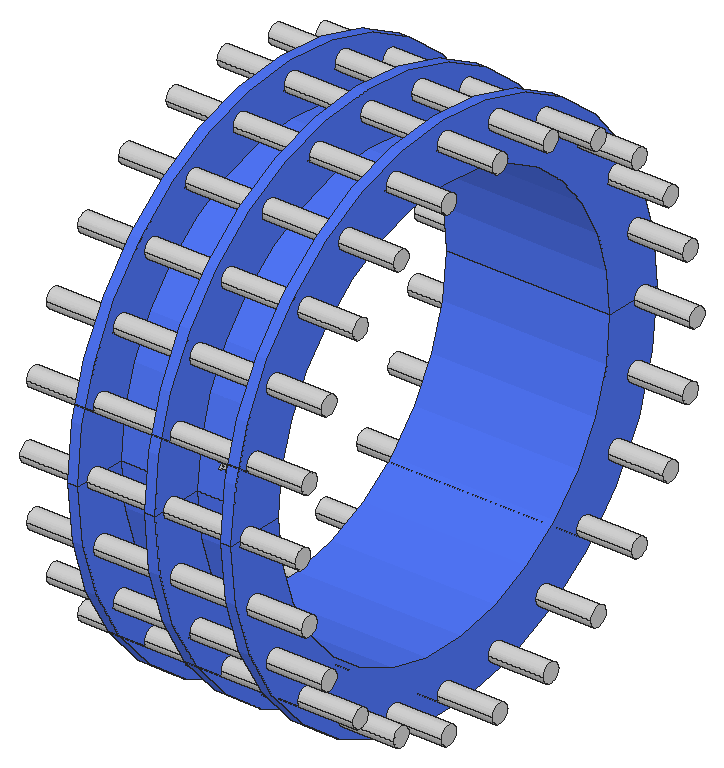
Revit family "873-00-001-DN700-800", category Pipe Accessories, Revit 2019
Family settings
  Round Connector Dimension = Use Diameter
  Part Type = Valve - Breaks Into
  Work Plane-Based = No
  Always vertical = Yes
  Cut with Voids When Loaded = No
  Shared = No
Parameters (values of type "DN800_PN16")
  d2 = size_lookup(Search_table, "d2", 0 mm, DN) / 2  # 512.5 mm
  d1 = size_lookup(Search_table, "d1", 0 mm, DN)  # 950 mm
  URL product pages = "https://www.avkvalves.com/P.aspx?no=873004000141000"
  T = size_lookup(Search_table, "T", 0 mm, DN)  # 36 mm
  L = size_lookup(Search_table, "L", 0 mm, DN)  # 530 mm
  Id(Radius) = DN / 2  # 400.05 mm
  Flange_thickness = 20 mm  # constant formula
  Description_ = "AVK DISMANTLING JOINT"
  DN = 800.1 mm
  Search_table = "873-00-001-DN700-800"
  Body_Wallthicknss = 10 mm  # constant formula
  Angle = 22.50°  # constant formula
  A = size_lookup(Search_table, "A", 0 mm, DN)  # 315 mm
  873-0800-00-141000 = "DN800_PN16"
  873-0800-00-041000 = "DN800_PN10"
  873-0700-00-141000 = "DN700_PN16"
  873-0700-00-041000 = "DN700_PN10"
Types (5, lengths in mm): name | d2 | d1 | T | L | Id(Radius) | DN | A
  (no name) | 512.5 | 950 | 36 | 530 | 400.05 | 800.1 | 315
  DN700_PN10 | 447.5 | 840 | 27 | 480 | 350 | 700 | 300
  DN700_PN16 | 455 | 840 | 33 | 500 | 350.05 | 700.1 | 300
  DN800_PN10 | 505 | 950 | 30 | 500 | 400 | 800 | 315
  DN800_PN16 | 512.5 | 950 | 36 | 530 | 400.05 | 800.1 | 315
Reference planes
  plane 1 "Center (Front/Back)": y = 0
  plane 2: z = 0
  plane 3 "Center (Left/Right)": x = 0
  plane 4: y = 32.5
  plane 5: y = -30
  plane 6: z = 475
  plane 7: z = -475
  plane 8: y = 475
  plane 9: y = -475
  plane 10: x = -265
  plane 11: x = 265
  plane 12: through (0, 0, 0) normal (0, 0.9659, 0.2588)
  plane 13: through (0, 0, 0) normal (0, 0.866, 0.5)
  plane 14: through (0, 0, 0) normal (0, 0.7071, 0.7071)
  plane 15: through (0, 0, 0) normal (0, 0.5, 0.866)
  plane 16: through (0, 0, 0) normal (0, 0.2588, 0.9659)
  plane 17: through (0, 0, 0) normal (0, 0.9659, -0.2588)
  plane 18: through (0, 0, 0) normal (0, 0.866, -0.5)
  plane 19: through (0, 0, 0) normal (0, 0.7071, -0.7071)
  plane 20: through (0, 0, 0) normal (0, 0.5, -0.866)
  plane 21: through (0, 0, 0) normal (0, 0.2588, -0.9659)
  plane 22: x = -157.5
  plane 23: x = 157.5
  plane 24: z = 512.5
  plane 25: z = -512.5
Forms (mm)
  Revolve 1, solid, material "Plastic"
    sketch origin (0, 0, 0) x (1, 0, 0) y (0, 1, 0)
      loop
        line (-137.5, 512.5) -> (-157.5, 512.5) -> (-157.5, 400.05) -> (157.5, 400.05) -> (157.5, 512.5) -> (137.5, 512.5) -> (137.5, 410.05) -> (10, 410.05) -> (10, 512.5) -> (-10, 512.5) -> (-10, 410.05) -> (-137.5, 410.05) -> (-137.5, 512.5)
      axis (-157.5, 0) -> (157.5, 0)
    angle from 0 to 360
  Extrusion 2, solid, material "Stainless Steel AISI 304"
    sketch origin (0, 0, 0) x (0, 1, 0) y (0, 0, 1)
      loop
        circle (0, 475) r 18
      loop
        circle (-475, 0) r 18
      loop
        circle (0, -475) r 18
      loop
        circle (475, 0) r 18
      loop
        circle (122.939, 458.815) r 18
      loop
        circle (237.5, 411.362) r 18
      loop
        circle (335.876, 335.876) r 18
      loop
        circle (411.362, 237.5) r 18
      loop
        circle (458.815, 122.939) r 18
      loop
        circle (458.815, -122.939) r 18
      loop
        circle (335.876, -335.876) r 18
      loop
        circle (237.5, -411.362) r 18
      loop
        circle (122.939, -458.815) r 18
      loop
        circle (-122.939, -458.815) r 18
      loop
        circle (-237.5, -411.362) r 18
      loop
        circle (-335.876, -335.876) r 18
      loop
        circle (-411.362, -237.5) r 18
      loop
        circle (-458.815, -122.939) r 18
      loop
        circle (-458.815, 122.939) r 18
      loop
        circle (-411.362, 237.5) r 18
      loop
        circle (-335.876, 335.876) r 18
      loop
        circle (-237.5, 411.362) r 18
      loop
        circle (-122.939, 458.815) r 18
      loop
        circle (411.362, -237.5) r 18
    from -265 to 265
Dimensions and locks
  "Flange_thickness": Revolve 1 sketch curve to Revolve 1 sketch curve  (x3)
  equal spacing: Revolve 1 sketch curve, plane 3 "Center (Left/Right)", Revolve 1 sketch curve  (x2)
  "A": Revolve 1 sketch curve to Revolve 1 sketch curve
  "Id(Radius)": plane 1 "Center (Front/Back)" to Revolve 1 sketch curve
  "Body_Wallthicknss": Revolve 1 sketch curve to Revolve 1 sketch curve
  "d2": plane 1 "Center (Front/Back)" to Revolve 1 sketch curve
  equal spacing: plane 6, level, plane 7
  equal spacing: plane 8, plane 1 "Center (Front/Back)", plane 9
  "d1": plane 8 to plane 9
  "d1": plane 6 to plane 7
  equal spacing: plane 11, plane 3 "Center (Left/Right)", plane 10
  "L": plane 11 to plane 10
  equal spacing: Extrusion 2 sketch curve, level, Extrusion 2 sketch curve
  "d1": Extrusion 2 sketch curve to Extrusion 2 sketch curve  (x12)
  equal spacing: Extrusion 2 sketch curve, plane 1 "Center (Front/Back)", Extrusion 2 sketch curve
  equal spacing: Extrusion 2 sketch curve, plane 16, Extrusion 2 sketch curve
  equal spacing: Extrusion 2 sketch curve, plane 15, Extrusion 2 sketch curve
  equal spacing: Extrusion 2 sketch curve, plane 14, Extrusion 2 sketch curve
  equal spacing: Extrusion 2 sketch curve, plane 13, Extrusion 2 sketch curve
  equal spacing: Extrusion 2 sketch curve, plane 12, Extrusion 2 sketch curve
  equal spacing: Extrusion 2 sketch curve, plane 17, Extrusion 2 sketch curve
  equal spacing: Extrusion 2 sketch curve, plane 18, Extrusion 2 sketch curve
  equal spacing: Extrusion 2 sketch curve, plane 19, Extrusion 2 sketch curve
  equal spacing: Extrusion 2 sketch curve, plane 20, Extrusion 2 sketch curve
  equal spacing: Extrusion 2 sketch curve, plane 21, Extrusion 2 sketch curve
  plane 6 to plane 7 = 950 mm
  equal spacing: plane 23, plane 3 "Center (Left/Right)", plane 22
  "A": plane 23 to plane 22
  equal spacing: plane 24, level, plane 25
  "d2": level to plane 25
  plane 24 to plane 25 = 1025 mm
  "T": diameter of Extrusion 2 sketch curve  (x24)
  equal spacing: level, plane 16, plane 15, plane 14, plane 13, plane 12, plane 1 "Center (Front/Back)"
  equal spacing: plane 1 "Center (Front/Back)", plane 17, plane 18, plane 19, plane 20, plane 21, level
  aligned and locked: level to plane 2
  aligned and locked: Revolve 1 sketch curve to Revolve 1 sketch curve  (x3)
  aligned and locked: plane 1 "Center (Front/Back)" to Revolve 1 sketch curve
  aligned and locked: Extrusion 2 to plane 10
  aligned and locked: Extrusion 2 to plane 11
Automatic sketch dimensions
  Revolve 1 sketch curve to plane 3 "Center (Left/Right)" = 37.5 mm
  plane 3 "Center (Left/Right)" to Revolve 1 sketch curve = 37.5 mm
  plane 21 to Extrusion 2 sketch curve = 0 mm  (x2)
  Extrusion 2 sketch curve to plane 16 = 0 mm  (x2)
  Extrusion 2 sketch curve to plane 15 = 0 mm  (x2)
  plane 20 to Extrusion 2 sketch curve = 0 mm  (x2)
  Extrusion 2 sketch curve to plane 14 = 0 mm  (x2)
  plane 19 to Extrusion 2 sketch curve = 0 mm  (x2)
  plane 18 to Extrusion 2 sketch curve = 0 mm  (x2)
  Extrusion 2 sketch curve to plane 13 = 0 mm  (x2)
  Extrusion 2 sketch curve to plane 12 = 0 mm  (x2)
  plane 17 to Extrusion 2 sketch curve = 0 mm  (x2)
  Extrusion 2 sketch curve to plane 1 "Center (Front/Back)" = 0 mm  (x2)
  Extrusion 2 sketch curve to level = 0 mm  (x2)
Nested families
  nested 1: "LOGO 2.0001" at (73.386, -408.144, 39.49) x (1, 0, 0) z (0, -0.9954, 0.0963), type "LOGO 2.0001"
Connectors
  piping at (-157.5, 0, 0), diameter 800.1, driven by "DN"
    settings: on Revolve 1, index 1, connector inside diameter 609.6 mm, connector length 0 mm, flow factor 0, pipe flow 0.0 L/s, pressure drop 0.0 Pa, fitting loss kfactor 0, connector angle 0.00°, fixture units 0, engagement length 0 mm, angle of deflection 0.00°, flow configuration 0, flow direction 0, fitting loss method 0, system type 7, joint type 0, gender type 0, connector reference index -1, connector utility 0, adjustable connector no, is connector primary yes, connector description ""
  piping at (157.5, 0, 0), diameter 800.1, driven by "DN"
    settings: on Revolve 1, index 2, connector inside diameter 609.6 mm, connector length 0 mm, flow factor 0, pipe flow 0.0 L/s, pressure drop 0.0 Pa, fitting loss kfactor 0, connector angle 0.00°, fixture units 0, engagement length 0 mm, angle of deflection 0.00°, flow configuration 0, flow direction 0, fitting loss method 0, system type 7, joint type 0, gender type 0, connector reference index -1, connector utility 0, adjustable connector no, is connector primary no, connector description ""
Definition of nested family "LOGO 2.0001"
  Parameters (values of type "LOGO 2.0001")
    Default Elevation = 1219.2 mm
  Reference planes
    plane 1 "Center (Front/Back)": y = 0
    plane 2: z = 0
    plane 3 "Center (Left/Right)": x = 0
  Forms (mm)
    Extrusion 1, solid
      sketch origin (0, 0, 0) x (1, 0, 0) y (0, 1, 0)
        loop
          line (-1219.2, 1219.2) -> (-1219.2, -1219.2) -> (1219.2, -1219.2) -> (1219.2, 1219.2) -> (-1219.2, 1219.2)
      from 0 to -304.8
    Extrusion 2, solid
      sketch origin (0, 0, 0) x (1, 0, 0) y (0, 1, 0)
        loop
          line (-6.514, 34.224) -> (-24, 34.224) -> (-24, 29.481) -> (-9.766, 29.481) -> (-2.391, 11.367) -> (2.391, 11.367) -> (9.766, 29.481) -> (24, 29.481) -> (24, 34.224) -> (6.514, 34.224) -> (0, 18.224) -> (-6.514, 34.224)
        loop
          line (-10.996, 27.653) -> (-24, 27.653) -> (-24, 23.081) -> (-19.503, 23.081) -> (-24, 11.367) -> (-18.92, 11.367) -> (-17.955, 13.881) -> (-10.51, 13.881) -> (-9.486, 11.367) -> (-4.365, 11.367) -> (-10.996, 27.653)
        loop
          line (-16.777, 18.224) -> (-12.278, 18.224) -> (-14.594, 23.912) -> (-16.777, 18.224)
        loop
          line (4.365, 11.367) -> (9.486, 11.367) -> (12.093, 17.77) -> (16.918, 11.367) -> (22.857, 11.367) -> (17.399, 18.61)
          arc (17.399, 18.61) -> (20.583, 20.18) -> (22.629, 23.081) r 7.2
          line (22.629, 23.081) -> (24, 23.081) -> (24, 27.653) -> (19.429, 27.653)
          arc (19.429, 27.653) -> (17.763, 23.526) -> (13.699, 21.714) r 5.943
          line (13.699, 21.714) -> (16.117, 27.653) -> (10.996, 27.653) -> (4.365, 11.367)
      from 0 to 1
  Dimensions and locks
    aligned and locked: plane 2 to Extrusion 1
    aligned and locked: level to Extrusion 1
    aligned and locked: Extrusion 2 sketch curve to import instance
